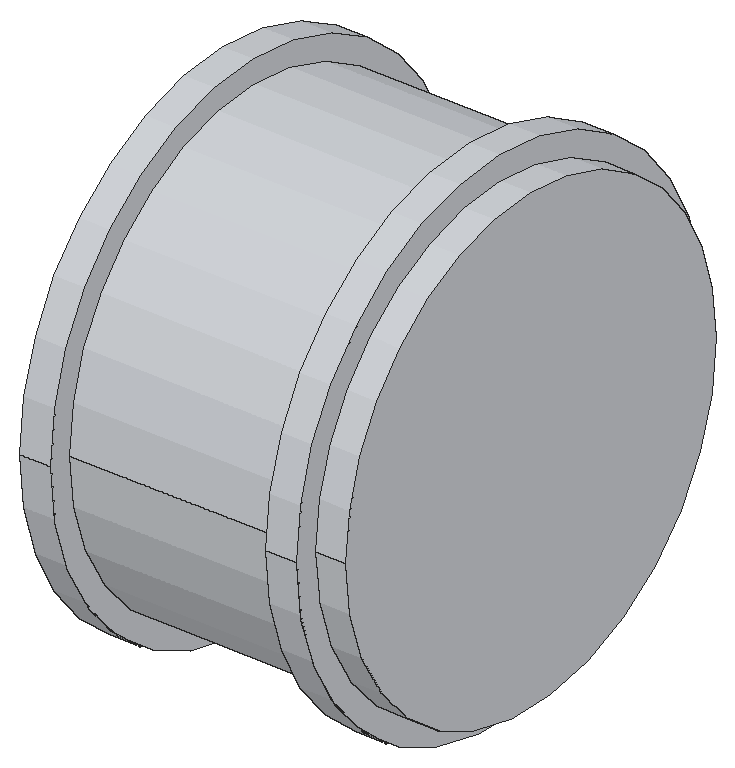
Revit family "M_Conduíte de extremidade sino - PVC", category Conexões do conduite, Revit 2019
Family settings
  Cota do conector redondo = Usar raio
  Tipo de parte = União
  Número OmniClass = 23.80.30.17.11
  Título OmniClass = Conduits
  ID de item do Seek = Conduit End Bell - PVC-0000-CAN-ENU
  Com base no plano de trabalho = Não
  Sempre na vertical = Sim
  Corte com vazios quando carregada = Não
  Compartilhado = Não
Parameters (values of type "Padrão")
  Raio 1 [instance] = Raio externo da conexão * 1.1  # 15.088 mm
  Raio nominal [instance] = 8 mm
  Diâmetro nominal [instance] = Raio nominal * 2  # 16 mm
  Comprimento 1 [instance] = Comprimento * 0.1  # 1.826 mm
  Comprimento [instance] = size_lookup(Pesquisa de tamanho de conduite, "Lgt", 0.29 * Diâmetro nominal + 18.058 mm, Diâmetro nominal)  # 18.263 mm
  Raio externo da conexão [instance] = Diâmetro externo da conexão / 2  # 13.716 mm
  Diâmetro externo da conexão [instance] = size_lookup(Pesquisa de tamanho de conduite, "FOD", 1.14 * Diâmetro nominal + 12.7 mm, Diâmetro nominal)  # 27.432 mm
  Pesquisa de tamanho de conduite = "M_Conduit End Bell - PVC"
Reference planes
  plane 1 "Centro (Frente/Trás)": y = 0
  plane 2: z = 0
  plane 3 "Centro (Esquerda/Direita)": x = 0
  plane 4: x = 18.263
  plane 5: x = 1.826
  plane 6: x = 16.436
  plane 7: x = 14.61
Forms (mm)
  Extrusion 1, solid, detail levels fine
    sketch origin (0, 0, 0) x (0, 1, 0) y (0, 0, 1)
      loop
        circle (0, 0) r 13.716
    from 0 to 18.263
  Extrusion 2, solid, detail levels fine
    sketch origin (0, 0, 0) x (0, 1, 0) y (0, 0, 1)
      loop
        circle (0, 0) r 15.088
    from 0 to 1.826
  Extrusion 3, solid, detail levels fine
    sketch origin (0, 0, 0) x (0, 1, 0) y (0, 0, 1)
      loop
        circle (0, 0) r 15.088
    from 14.61 to 16.436
Cuts and joins
  joined: Extrusion 1, Extrusion 2, Extrusion 3
Lines and regions (mm)
  model lines, detail levels coarse+medium
    curve 1: line (0, 0, 0) -> (18.263, 0, 0)
Dimensions and locks
  "Comprimento": plane 3 "Centro (Esquerda/Direita)" to plane 4
  "Comprimento 1": plane 3 "Centro (Esquerda/Direita)" to plane 5
  "Comprimento 1": plane 6 to plane 4
  "Comprimento 1": plane 7 to plane 6
  "Raio externo da conexão": radius of Extrusion 1 sketch curve
  "Raio 1": radius of Extrusion 2 sketch curve
  "Raio 1": radius of Extrusion 3 sketch curve
  aligned and locked: plane 3 "Centro (Esquerda/Direita)" to curve 1
  aligned and locked: plane 4 to curve 1
  aligned and locked: plane 1 "Centro (Frente/Trás)" to curve 1
  aligned and locked: plane 1 "Centro (Frente/Trás)" to Extrusion 1 sketch curve
  aligned and locked: plane 2 to Extrusion 1 sketch curve
  aligned and locked: Extrusion 1 to plane 3 "Centro (Esquerda/Direita)"
  aligned and locked: plane 4 to Extrusion 1
  aligned and locked: plane 1 "Centro (Frente/Trás)" to Extrusion 2 sketch curve
  aligned and locked: plane 2 to Extrusion 2 sketch curve
  aligned and locked: plane 1 "Centro (Frente/Trás)" to Extrusion 3 sketch curve
  aligned and locked: plane 2 to Extrusion 3 sketch curve
  aligned and locked: Extrusion 2 to plane 3 "Centro (Esquerda/Direita)"
  aligned and locked: plane 5 to Extrusion 2
  aligned and locked: Extrusion 3 to plane 7
  aligned and locked: plane 6 to Extrusion 3
Connectors
  cabletrayconduit at (0, 0, 0), diameter 16, driven by "Raio nominal"
    settings: on cut or joined group of Extrusion 1, Extrusion 2, Extrusion 3, index 1, connector width 304.8 mm, connector height 304.8 mm, connector angle 0.00°, system type 32, placement type 0, profile type 0, connector reference index 2, is primary connector yes, connector utility param no, connector description ""
  cabletrayconduit at (18.263, 0, 0), diameter 16, driven by "Raio nominal"
    settings: on cut or joined group of Extrusion 1, Extrusion 2, Extrusion 3, index 2, connector width 304.8 mm, connector height 304.8 mm, connector angle 0.00°, system type 32, placement type 0, profile type 0, connector reference index 1, is primary connector no, connector utility param no, connector description ""
